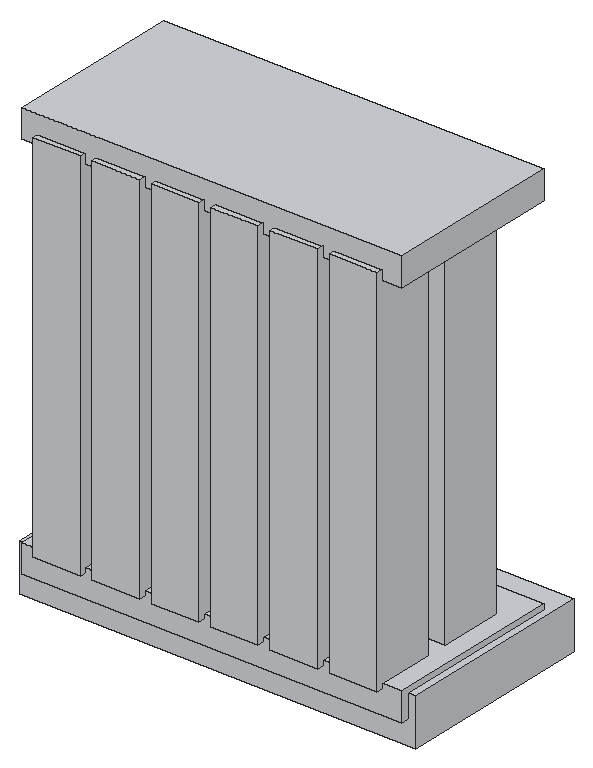
Revit family "GIS_BatteryRack", category Equipamento elétrico, Revit 2027
Family settings
  Configuração do painel = Duas colunas, circuitos transversais
  Cota do conector redondo = Utilizar diâmetro
  Tipo de parte = Painel de controle
  Com base no plano de trabalho = Não
  Sempre na vertical = Sim
  Corte com vazios quando carregada = Não
  Manter orientação da anotação = Não
  Compartilhado = Não
  Ponto de cálculo do ambiente = Não
Parameters (values of type "BATTERY_RACK_125VDC_STUDY")
  Default Elevation = 0 mm
  built-in parameter 1140142 [instance] = (empty or 0)
  built-in parameter 1140140 [instance] = 1 (stored number, unit not read)
  BIM_TensaoSecundaria_kV = 0
  BIM_TensaoNominal_kV = 0.125
  BIM_TensaoClasse_kV = 0.125
  BIM_TensaoClasseSecundaria_kV = 0
  BIM_TensaoAuxiliarCA_kV = 0
  BIM_Sistema_Elemento [instance] = ""
  BIM_ReferenciaCatalogo = "Portfolio study assumption: 125 V DC; battery mission and cell data pending"
  BIM_Profundidade = 800 mm
  BIM_Potencia_MVA = 0
  BIM_Localizacao [instance] = ""
  BIM_Largura = 1600 mm
  BIM_Impedancia_pu = 0
  BIM_FonteGeometria = "Portfolio study assumption: 125 V DC; battery mission and cell data pending"
  BIM_Fabricante = "NAO SELECIONADO"
  BIM_EstadoGeometria = "ESTIMATED"
  BIM_EstadoEspecificacao = "PREMISSA / NAO SELECIONADO"
  BIM_DescricaoEstudo = "Banco de baterias conceitual; 125 Vcc e premissa, Ah e autonomia nao selecionados."
  BIM_CorrenteReferenciaSecundaria_A = 0
  BIM_CorrenteNominal_A = 0
  BIM_Bay [instance] = ""
  BIM_AlturaCorpoPrincipal = 190 mm
  BIM_Altura = 1900 mm
  built-in parameter 1155100 [instance] = (empty or 0)
Reference planes
  plane 1 "Centro (Frente/Trás)": y = 0
  plane 2: z = 0
  plane 3 "Centro (Esquerda/Direita)": x = 0
  plane 4 "BIM Left": x = -800
  plane 5 "BIM Right": x = 800
  plane 6 "BIM Front": y = -400
  plane 7 "BIM Back": y = 400
Forms (mm)
  Extrusion 1, solid
    sketch origin (0, 0, 0) x (1, 0, 0) y (0, 1, 0)
      loop
        line (-800, -400) -> (800, -400) -> (800, 400) -> (-800, 400) -> (-800, -400)
    from 0 to 190 <- "BIM_AlturaCorpoPrincipal"
  Extrusion 2, solid
    sketch origin (0, 0, 190) x (1, 0, 0) y (0, 1, 0)
      loop
        line (-704, -454.864) -> (-512, -454.864) -> (-512, -198.864) -> (-704, -198.864) -> (-704, -454.864)
    from 0 to 1520
  Extrusion 3, solid
    sketch origin (0, 0, 190) x (1, 0, 0) y (0, 1, 0)
      loop
        line (-464, -454.864) -> (-272, -454.864) -> (-272, -198.864) -> (-464, -198.864) -> (-464, -454.864)
    from 0 to 1520
  Extrusion 4, solid
    sketch origin (0, 0, 190) x (1, 0, 0) y (0, 1, 0)
      loop
        line (-224, -454.864) -> (-32, -454.864) -> (-32, -198.864) -> (-224, -198.864) -> (-224, -454.864)
    from 0 to 1520
  Extrusion 5, solid
    sketch origin (0, 0, 190) x (1, 0, 0) y (0, 1, 0)
      loop
        line (16, -454.864) -> (208, -454.864) -> (208, -198.864) -> (16, -198.864) -> (16, -454.864)
    from 0 to 1520
  Extrusion 6, solid
    sketch origin (0, 0, 190) x (1, 0, 0) y (0, 1, 0)
      loop
        line (256, -454.864) -> (448, -454.864) -> (448, -198.864) -> (256, -198.864) -> (256, -454.864)
    from 0 to 1520
  Extrusion 7, solid
    sketch origin (0, 0, 190) x (1, 0, 0) y (0, 1, 0)
      loop
        line (496, -454.864) -> (688, -454.864) -> (688, -198.864) -> (496, -198.864) -> (496, -454.864)
    from 0 to 1520
  Extrusion 8, solid
    sketch origin (0, 0, 190) x (1, 0, 0) y (0, 1, 0)
      loop
        line (-704, -110.864) -> (-512, -110.864) -> (-512, 145.136) -> (-704, 145.136) -> (-704, -110.864)
    from 0 to 1520
  Extrusion 9, solid
    sketch origin (0, 0, 190) x (1, 0, 0) y (0, 1, 0)
      loop
        line (-464, -110.864) -> (-272, -110.864) -> (-272, 145.136) -> (-464, 145.136) -> (-464, -110.864)
    from 0 to 1520
  Extrusion 10, solid
    sketch origin (0, 0, 190) x (1, 0, 0) y (0, 1, 0)
      loop
        line (-224, -110.864) -> (-32, -110.864) -> (-32, 145.136) -> (-224, 145.136) -> (-224, -110.864)
    from 0 to 1520
  Extrusion 11, solid
    sketch origin (0, 0, 190) x (1, 0, 0) y (0, 1, 0)
      loop
        line (16, -110.864) -> (208, -110.864) -> (208, 145.136) -> (16, 145.136) -> (16, -110.864)
    from 0 to 1520
  Extrusion 12, solid
    sketch origin (0, 0, 190) x (1, 0, 0) y (0, 1, 0)
      loop
        line (256, -110.864) -> (448, -110.864) -> (448, 145.136) -> (256, 145.136) -> (256, -110.864)
    from 0 to 1520
  Extrusion 13, solid
    sketch origin (0, 0, 190) x (1, 0, 0) y (0, 1, 0)
      loop
        line (496, -110.864) -> (688, -110.864) -> (688, 145.136) -> (496, 145.136) -> (496, -110.864)
    from 0 to 1520
  Extrusion 14, solid
    sketch origin (0, 0, 95) x (1, 0, 0) y (0, 1, 0)
      loop
        line (-768, -430.48) -> (768, -430.48) -> (768, 289.52) -> (-768, 289.52) -> (-768, -430.48)
    from 0 to 114
  Extrusion 15, solid
    sketch origin (0, 0, 1672) x (1, 0, 0) y (0, 1, 0)
      loop
        line (-768, -430.48) -> (768, -430.48) -> (768, 289.52) -> (-768, 289.52) -> (-768, -430.48)
    from 0 to 114
Dimensions and locks
  "BIM_Largura": plane 4 "BIM Left" to plane 5 "BIM Right"
  "BIM_Profundidade": plane 6 "BIM Front" to plane 7 "BIM Back"
  aligned and locked: level to plane 2
  aligned and locked: plane 4 "BIM Left" to Extrusion 1
  aligned and locked: Extrusion 1 to plane 5 "BIM Right"
  aligned and locked: Extrusion 1 to plane 6 "BIM Front"
  aligned and locked: plane 7 "BIM Back" to Extrusion 1
Automatic sketch dimensions
  Extrusion 1 sketch curve to plane 4 "BIM Left" = 0 mm
  Extrusion 1 sketch curve to plane 5 "BIM Right" = 0 mm
  Extrusion 1 sketch curve to plane 6 "BIM Front" = 0 mm
  Extrusion 1 sketch curve to plane 7 "BIM Back" = 0 mm
  Extrusion 2 sketch curve to plane 4 "BIM Left" = 96 mm
  Extrusion 2 sketch curve to Extrusion 2 sketch curve = 192 mm
  Extrusion 2 sketch curve to plane 6 "BIM Front" = 54.864 mm
  plane 1 "Centro (Frente/Trás)" to Extrusion 2 sketch curve = 198.864 mm
  Extrusion 3 sketch curve to plane 6 "BIM Front" = 54.864 mm
  Extrusion 3 sketch curve to plane 4 "BIM Left" = 336 mm
  Extrusion 3 sketch curve to Extrusion 3 sketch curve = 192 mm
  plane 1 "Centro (Frente/Trás)" to Extrusion 3 sketch curve = 198.864 mm
  Extrusion 4 sketch curve to plane 6 "BIM Front" = 54.864 mm
  Extrusion 4 sketch curve to plane 3 "Centro (Esquerda/Direita)" = 224 mm
  Extrusion 4 sketch curve to plane 3 "Centro (Esquerda/Direita)" = 32 mm
  plane 1 "Centro (Frente/Trás)" to Extrusion 4 sketch curve = 198.864 mm
  plane 3 "Centro (Esquerda/Direita)" to Extrusion 5 sketch curve = 16 mm
  Extrusion 5 sketch curve to Extrusion 5 sketch curve = 192 mm
  Extrusion 5 sketch curve to plane 6 "BIM Front" = 54.864 mm
  plane 1 "Centro (Frente/Trás)" to Extrusion 5 sketch curve = 198.864 mm
  Extrusion 6 sketch curve to plane 6 "BIM Front" = 54.864 mm
  plane 3 "Centro (Esquerda/Direita)" to Extrusion 6 sketch curve = 256 mm
  Extrusion 6 sketch curve to Extrusion 6 sketch curve = 192 mm
  plane 1 "Centro (Frente/Trás)" to Extrusion 6 sketch curve = 198.864 mm
  Extrusion 7 sketch curve to plane 6 "BIM Front" = 54.864 mm
  plane 5 "BIM Right" to Extrusion 7 sketch curve = 304 mm
  plane 5 "BIM Right" to Extrusion 7 sketch curve = 112 mm
  plane 1 "Centro (Frente/Trás)" to Extrusion 7 sketch curve = 198.864 mm
  Extrusion 8 sketch curve to plane 4 "BIM Left" = 96 mm
  Extrusion 8 sketch curve to Extrusion 8 sketch curve = 192 mm
  plane 1 "Centro (Frente/Trás)" to Extrusion 8 sketch curve = 110.864 mm
  Extrusion 8 sketch curve to plane 1 "Centro (Frente/Trás)" = 145.136 mm
  plane 1 "Centro (Frente/Trás)" to Extrusion 9 sketch curve = 110.864 mm
  Extrusion 9 sketch curve to plane 4 "BIM Left" = 336 mm
  Extrusion 9 sketch curve to Extrusion 9 sketch curve = 192 mm
  Extrusion 9 sketch curve to plane 1 "Centro (Frente/Trás)" = 145.136 mm
  plane 1 "Centro (Frente/Trás)" to Extrusion 10 sketch curve = 110.864 mm
  Extrusion 10 sketch curve to plane 3 "Centro (Esquerda/Direita)" = 224 mm
  Extrusion 10 sketch curve to plane 3 "Centro (Esquerda/Direita)" = 32 mm
  Extrusion 10 sketch curve to plane 1 "Centro (Frente/Trás)" = 145.136 mm
  plane 3 "Centro (Esquerda/Direita)" to Extrusion 11 sketch curve = 16 mm
  Extrusion 11 sketch curve to Extrusion 11 sketch curve = 192 mm
  plane 1 "Centro (Frente/Trás)" to Extrusion 11 sketch curve = 110.864 mm
  Extrusion 11 sketch curve to plane 1 "Centro (Frente/Trás)" = 145.136 mm
  plane 1 "Centro (Frente/Trás)" to Extrusion 12 sketch curve = 110.864 mm
  plane 3 "Centro (Esquerda/Direita)" to Extrusion 12 sketch curve = 256 mm
  Extrusion 12 sketch curve to Extrusion 12 sketch curve = 192 mm
  Extrusion 12 sketch curve to plane 1 "Centro (Frente/Trás)" = 145.136 mm
  plane 1 "Centro (Frente/Trás)" to Extrusion 13 sketch curve = 110.864 mm
  plane 5 "BIM Right" to Extrusion 13 sketch curve = 304 mm
  plane 5 "BIM Right" to Extrusion 13 sketch curve = 112 mm
  Extrusion 13 sketch curve to plane 1 "Centro (Frente/Trás)" = 145.136 mm
  Extrusion 14 sketch curve to plane 4 "BIM Left" = 32 mm
  plane 5 "BIM Right" to Extrusion 14 sketch curve = 32 mm
  Extrusion 14 sketch curve to plane 6 "BIM Front" = 30.48 mm
  Extrusion 14 sketch curve to plane 7 "BIM Back" = 110.48 mm
  Extrusion 15 sketch curve to plane 4 "BIM Left" = 32 mm
  plane 5 "BIM Right" to Extrusion 15 sketch curve = 32 mm
  Extrusion 15 sketch curve to plane 6 "BIM Front" = 30.48 mm
  Extrusion 15 sketch curve to plane 7 "BIM Back" = 110.48 mm
